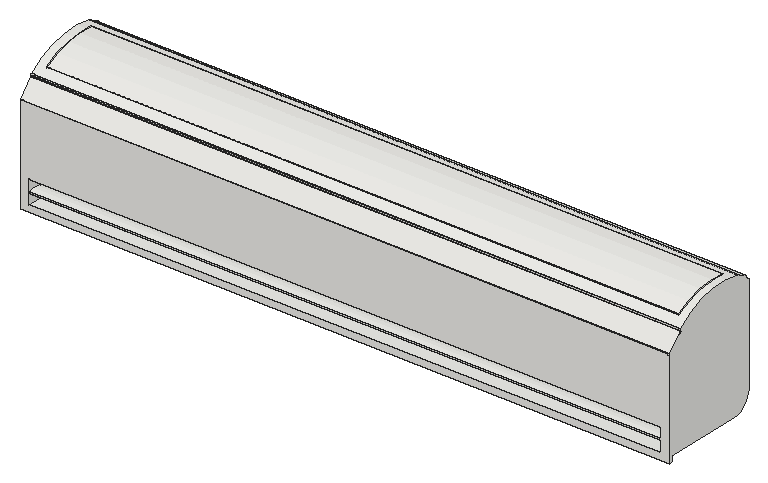
Revit family "ELiS C-W-150-bílá_RFA_2019", category Mechanical Equipment, host Face, Revit 2019
Family settings
  Host = Face
  Round Connector Dimension = Use Diameter
  Part Type = Normal
  Cut with Voids When Loaded = No
  Shared = No
  Room Calculation Point = No
Parameters (values of type "ELiS C-W-150")
  Weight of unit = 27.50 kg
  Water stream flow in the heat exchanger = 0 L/s
  Water pressure drop in the heat exchanger = 0 kPa
  URL = "www.hydronic.cz"
  Type Comments = "vnitřní instalace, neprašné prostředí; IP21; max dosah 3m na 3 rychlost"
  Second Material = FLOWAIR-PerforatedSteel-White
  Product code = "14288; bílá, délka 150cm, teplovodní; PN16; tmax=95°C"
  Power supply voltage = 230 V
  Power ratio = 0.96
  Outlet water temperature (Tw2) = 0 °C
  Outlet air temperature (Tp2) = 0 °C
  Max. current consumption = 0.95 A
  Manufacturer = "Hydronic Systems Prague s.r.o."
  Main Material = FLOWAIR-Steel-White
  Load classification = Motor
  Length = 1500.00 mm  # constant formula
  Inlet water temperature (Tw1) = 0 °C
  Inlet air temperature (Tp1) = 0 °C
  Heating capacity = 0 kW
  Fan = "Single phase motor with diagonal rotor"
  Description = "Dveřní clona"
  Model = "ELiS C-W-150"
  IP = "21"
  Default Elevation = 2200.00 mm
  Connection = 3/4"
  Author = ""
  Apparent power = Power supply voltage * Max. current consumption  # 218.5 VA
  Air flow = 0 m³/h
Reference planes
  plane 1 "Środek (Przód/Tył)": y = 0
  plane 2: z = 0
  plane 3 "Środek (Lewa/Prawa)": x = 0
Dimensions and locks
  aligned and locked: plane 2 to host face
  aligned and locked: level to host face
  aligned and locked: plane 3 "Środek (Lewa/Prawa)" to nested 1
  aligned and locked: plane 1 "Środek (Przód/Tył)" to nested 1
Nested families
  nested 1: "ELiS C-W" at (0, 0, 0), type "ELiS C-W"
    with długość 1500.00 mm
Connectors
  piping at (704, 227.682, 166.954), diameter 19.05, driven by "Connection", driven by "Water stream flow in the heat exchanger", driven by "Water pressure drop in the heat exchanger"
    settings: on nested 1, index 7, connector inside diameter 24", connector length 0.00 mm, flow factor 0, pipe flow 0 L/s, pressure drop 0 kPa, fitting loss kfactor 0, connector angle 0.00°, fixture units 0, engagement length 0.00 mm, angle of deflection 0.00°, flow configuration 1, flow direction 2, fitting loss method 4, system type 8, joint type 0, gender type 0, connector reference index -1, connector utility 0, adjustable connector no, is connector primary yes, connector description ""
  piping at (704, 227.682, 242.954), diameter 19.05, driven by "Connection", driven by "Water stream flow in the heat exchanger", driven by "Water pressure drop in the heat exchanger"
    settings: on nested 1, index 8, connector inside diameter 24", connector length 0.00 mm, flow factor 0, pipe flow 0 L/s, pressure drop 0 kPa, fitting loss kfactor 0, connector angle 0.00°, fixture units 0, engagement length 0.00 mm, angle of deflection 0.00°, flow configuration 1, flow direction 1, fitting loss method 4, system type 7, joint type 0, gender type 0, connector reference index -1, connector utility 0, adjustable connector no, is connector primary no, connector description ""
  electrical at (0, 235.182, 54.049), driven by "Power supply voltage", driven by "Apparent power", driven by "Power ratio", driven by "Load classification"
    settings: on nested 1, index 9, voltage 230 V, apparent load 218.5 VA, apparent load phase1 0 VA, apparent load phase2 0 VA, apparent load phase3 0 VA, power factor 0.96, load classification "Motor", number of poles 1, system type 30, power factor state 1, is connector primary yes, connector utility no, sub classification motor no, connector description ""
  electrical at (-59, 235.182, 85.024)
    settings: on nested 1, index 10, voltage 0 V, apparent load 0 VA, apparent load phase1 0 VA, apparent load phase2 0 VA, apparent load phase3 0 VA, power factor 1, load classification "Motor", number of poles 1, system type 13, power factor state 1, is connector primary no, connector utility no, sub classification motor no, connector description "TS regulator"
  electrical at (59, 235.182, 85.024)
    settings: on nested 1, index 11, voltage 0 V, apparent load 0 VA, apparent load phase1 0 VA, apparent load phase2 0 VA, apparent load phase3 0 VA, power factor 1, load classification "Motor", number of poles 1, system type 13, power factor state 1, is connector primary no, connector utility no, sub classification motor no, connector description "Limit switches"
Definition of nested family "ELiS C-W"
  Parameters
    materiał perforacja = none
    materiał = none
    długość = 1000.00 mm
  Reference planes
    plane 1 "Środek (Przód/Tył)": y = 0
    plane 2: z = 0
    plane 3 "Środek (Lewa/Prawa)": x = 0
    plane 4: x = -500
    plane 5: x = 500
    plane 6: x = -480
    plane 7: x = 480
    plane 8: x = 250
    plane 9: x = -250
  Forms (mm)
    Extrusion 1, solid, material <- "materiał", detail levels medium
      sketch origin (0, 300, 0) x (0, 1, 0) y (0, 0, 1)
        loop
          line (-72.756, 283.564) -> (-81.693, 294.358)
          arc (-81.693, 294.358) -> (-82.051, 294.684) -> (-82.482, 294.903) r 1.8
          line (-82.482, 294.903) -> (-98.157, 300.357)
          arc (-98.157, 300.357) -> (-98.505, 300.566) -> (-98.742, 300.895) r 1
          line (-98.742, 300.895) -> (-99.846, 303.375)
          arc (-99.846, 303.375) -> (-100.355, 304.039) -> (-101.109, 304.402) r 1.8
          arc (-101.109, 304.402) -> (-188.803, 303.806) -> (-267.88, 265.892) r 200.8
          arc (-267.88, 265.892) -> (-268.406, 265.22) -> (-268.563, 264.381) r 1.8
          line (-268.563, 264.381) -> (-268.42, 261.651)
          arc (-268.42, 261.651) -> (-268.477, 261.263) -> (-268.678, 260.927) r 1
          line (-268.678, 260.927) -> (-299.538, 226.654)
          arc (-299.538, 226.654) -> (-299.88, 226.094) -> (-300, 225.449) r 1.8
          line (-300, 225.449) -> (-300, 0) -> (-292.2, 0) -> (-292.2, 13.085) -> (-113.282, 13.085)
          arc (-113.282, 13.085) -> (-84.316, 25.083) -> (-72.318, 54.049) r 40.964
          line (-72.318, 54.049) -> (-72.318, 282.336)
          arc (-72.318, 282.336) -> (-72.431, 282.988) -> (-72.756, 283.564) r 1.943
      from -500 to 500
    Extrusion 2, solid, material <- "materiał", detail levels coarse
      sketch origin (0, 0, 0) x (0, 1, 0) y (0, 0, 1)
        loop
          arc (227.682, 295.867) -> (103.817, 301.954) -> (0, 234.12) r 200.8
          line (0, 234.12) -> (0, 0) -> (227.682, 0) -> (227.682, 295.867)
      from -500 to 500
    Extrusion 3, solid, material <- "materiał", detail levels fine
      sketch origin (0, 0, 0) x (0, 1, 0) y (0, 0, 1)
        loop
          line (227.244, 283.564) -> (218.307, 294.358)
          arc (218.307, 294.358) -> (217.949, 294.684) -> (217.518, 294.903) r 1.8
          line (217.518, 294.903) -> (201.843, 300.357)
          arc (201.843, 300.357) -> (201.495, 300.566) -> (201.258, 300.895) r 1
          line (201.258, 300.895) -> (200.154, 303.375)
          arc (200.154, 303.375) -> (199.645, 304.039) -> (198.891, 304.402) r 1.8
          arc (198.891, 304.402) -> (111.197, 303.806) -> (32.12, 265.892) r 200.8
          arc (32.12, 265.892) -> (31.594, 265.22) -> (31.437, 264.381) r 1.8
          line (31.437, 264.381) -> (31.58, 261.651)
          arc (31.58, 261.651) -> (31.523, 261.263) -> (31.322, 260.927) r 1
          line (31.322, 260.927) -> (0.462, 226.654)
          arc (0.462, 226.654) -> (0.12, 226.094) -> (0, 225.449) r 1.8
          line (0, 225.449) -> (0, 0) -> (7.8, 0) -> (7.8, 13.085) -> (186.718, 13.085)
          arc (186.718, 13.085) -> (215.684, 25.083) -> (227.682, 54.049) r 40.964
          line (227.682, 54.049) -> (227.682, 282.336)
          arc (227.682, 282.336) -> (227.569, 282.988) -> (227.244, 283.564) r 1.943
      from -500 to 500
    Extrusion 4, void
      sketch origin (0, 0, 0) x (0, 1, 0) y (0, 0, 1)
        loop
          line (52, 337.939) -> (52, 227.939) -> (180, 227.939) -> (180, 337.939) -> (52, 337.939)
      from -480 to 480
    Extrusion 5, solid, material <- "materiał perforacja", detail levels fine
      sketch origin (0, 0, 0) x (0, 1, 0) y (0, 0, 1)
        loop
          arc (180, 307.56) -> (113.664, 304.359) -> (52, 279.696) r 200.8
          line (52, 279.696) -> (52, 277.35)
          arc (52, 277.35) -> (113.61, 302.3) -> (180, 305.546) r 198.8
          line (180, 305.546) -> (180, 307.56)
      from -480 to 480
    Extrusion 6, void
      sketch origin (0, 0, 0) x (0, 1, 0) y (0, 0, 1)
        loop
          line (0, 15.085) -> (50, 15.085) -> (50, 70.085) -> (0, 70.085) -> (0, 43.585)
          arc (0, 43.585) -> (17.5, 45.585) -> (35, 43.585) r 77.563
          line (35, 43.585) -> (35, 41.585)
          arc (35, 41.585) -> (17.5, 39.585) -> (0, 41.585) r 77.563
          line (0, 41.585) -> (0, 15.085)
      from -480 to 480
    Extrusion 7, solid, material <- "materiał"
      sketch origin (0, 0, 0) x (0, 1, 0) y (0, 0, 1)
        loop
          line (10, 0) -> (172, 0) -> (172, 13.085) -> (10, 13.085) -> (10, 0)
      from -250 to 250
    Extrusion 8, solid, material <- "materiał"
      sketch origin (0, 0, 0) x (0, 1, 0) y (0, 0, 1)
        loop
          line (227.682, 54.049) -> (242.682, 54.049) -> (242.682, 116) -> (227.682, 116) -> (227.682, 54.049)
      from -59 to 59
    Extrusion 9, solid, material <- "materiał"
      sketch origin (0, 0, 0) x (1, 0, 0) y (0, 0, 1)
        loop
          circle (454, 242.954) r 17
        loop
          circle (454, 166.954) r 17
      from -227.682 to -225
  Cuts and joins
    Extrusion 4, Extrusion 6 cuts Extrusion 3
  Dimensions and locks
    equal spacing: plane 4, plane 3 "Środek (Lewa/Prawa)", plane 5
    "długość": plane 4 to plane 5
    locked: plane 4 to plane 6 at 20
    locked: plane 7 to plane 5 at 20
    equal spacing: plane 4, plane 9, plane 3 "Środek (Lewa/Prawa)"
    equal spacing: plane 3 "Środek (Lewa/Prawa)", plane 8, plane 5
    locked: Extrusion 9 sketch curve to plane 5 at 46  (x2)
    aligned and locked: level to plane 2
    aligned and locked: Extrusion 2 to plane 4
    aligned and locked: Extrusion 1 to plane 4
    aligned and locked: Extrusion 2 to plane 5
    aligned and locked: Extrusion 1 to plane 5
    aligned and locked: Extrusion 3 to plane 4
    aligned and locked: Extrusion 3 to plane 5
    aligned and locked: Extrusion 4 to plane 6
    aligned and locked: Extrusion 4 to plane 7
    aligned and locked: Extrusion 5 to plane 6
    aligned and locked: Extrusion 5 to plane 7
    aligned and locked: Extrusion 6 to plane 7
    aligned and locked: Extrusion 6 to plane 6
    aligned and locked: plane 8 to Extrusion 7
    aligned and locked: plane 9 to Extrusion 7
  Automatic sketch dimensions
    Extrusion 1 sketch curve to level = 0.00 mm
    Extrusion 1 sketch curve to plane 1 "Środek (Przód/Tył)" = 0.00 mm
    Extrusion 1 sketch curve to Extrusion 1 sketch curve = 1.80 mm
    Extrusion 1 sketch curve to plane 1 "Środek (Przód/Tył)" = 7.80 mm
    Extrusion 1 sketch curve to plane 1 "Środek (Przód/Tył)" = 30.581 mm
    Extrusion 1 sketch curve to Extrusion 1 sketch curve = 0.742 mm
    Extrusion 1 sketch curve to Extrusion 1 sketch curve = 0.856 mm
    Extrusion 1 sketch curve to Extrusion 1 sketch curve = 1.797 mm
    Extrusion 1 sketch curve to plane 1 "Środek (Przód/Tył)" = 156.375 mm
    Extrusion 1 sketch curve to Extrusion 1 sketch curve = 30.343 mm
    Extrusion 1 sketch curve to Extrusion 1 sketch curve = 165.276 mm
    Extrusion 1 sketch curve to Extrusion 1 sketch curve = 3.662 mm
    Extrusion 1 sketch curve to Extrusion 1 sketch curve = 14.754 mm
    Extrusion 1 sketch curve to Extrusion 1 sketch curve = 1.38 mm
    Extrusion 1 sketch curve to Extrusion 1 sketch curve = 8.812 mm
    Extrusion 1 sketch curve to Extrusion 1 sketch curve = 1.505 mm
    Extrusion 1 sketch curve to Extrusion 1 sketch curve = 40.964 mm
    Extrusion 1 sketch curve to Extrusion 1 sketch curve = 13.085 mm
    Extrusion 1 sketch curve to Extrusion 1 sketch curve = 54.106 mm
    Extrusion 1 sketch curve to Extrusion 1 sketch curve = 117.295 mm
    Extrusion 1 sketch curve to Extrusion 1 sketch curve = 35.478 mm
    Extrusion 1 sketch curve to Extrusion 1 sketch curve = 0.671 mm
    Extrusion 1 sketch curve to Extrusion 1 sketch curve = 2.783 mm
    Extrusion 1 sketch curve to Extrusion 1 sketch curve = 0.097 mm
    Extrusion 1 sketch curve to Extrusion 1 sketch curve = 174.181 mm
    Extrusion 1 sketch curve to Extrusion 1 sketch curve = 10.867 mm
    Extrusion 1 sketch curve to Extrusion 1 sketch curve = 1.155 mm
    Extrusion 1 sketch curve to Extrusion 1 sketch curve = 8.099 mm
    Extrusion 1 sketch curve to Extrusion 1 sketch curve = 1.341 mm
    Extrusion 1 sketch curve to plane 1 "Środek (Przód/Tył)" = 0.462 mm
    Extrusion 1 sketch curve to Extrusion 1 sketch curve = 0.00 mm  (x14)
    Extrusion 1 sketch curve to Extrusion 1 sketch curve = 0.257 mm
    Extrusion 1 sketch curve to Extrusion 1 sketch curve = 1.263 mm
    Extrusion 1 sketch curve to Extrusion 1 sketch curve = 0.914 mm
    Extrusion 1 sketch curve to Extrusion 1 sketch curve = 0.585 mm
    Extrusion 1 sketch curve to Extrusion 1 sketch curve = 0.789 mm
    Extrusion 1 sketch curve to Extrusion 1 sketch curve = 0.944 mm
    Extrusion 2 sketch curve to level = 0.00 mm
    Extrusion 2 sketch curve to Extrusion 2 sketch curve = 71.306 mm
    Extrusion 2 sketch curve to Extrusion 2 sketch curve = 108.154 mm
    Extrusion 2 sketch curve to plane 1 "Środek (Przód/Tył)" = 0.00 mm
    Extrusion 2 sketch curve to Extrusion 2 sketch curve = 125.966 mm
    Extrusion 2 sketch curve to plane 1 "Środek (Przód/Tył)" = 156.375 mm
    plane 1 "Środek (Przód/Tył)" to Extrusion 3 sketch curve = 0.00 mm
    Extrusion 3 sketch curve to Extrusion 3 sketch curve = 1.80 mm
    Extrusion 3 sketch curve to Extrusion 3 sketch curve = 7.80 mm
    Extrusion 3 sketch curve to Extrusion 3 sketch curve = 28.781 mm
    Extrusion 3 sketch curve to Extrusion 3 sketch curve = 0.742 mm
    Extrusion 3 sketch curve to Extrusion 3 sketch curve = 0.856 mm
    Extrusion 3 sketch curve to Extrusion 3 sketch curve = 1.797 mm
    Extrusion 3 sketch curve to Extrusion 3 sketch curve = 148.575 mm
    Extrusion 3 sketch curve to Extrusion 3 sketch curve = 30.343 mm
    Extrusion 3 sketch curve to Extrusion 3 sketch curve = 165.276 mm
    Extrusion 3 sketch curve to Extrusion 3 sketch curve = 3.662 mm
    Extrusion 3 sketch curve to Extrusion 3 sketch curve = 14.754 mm
    Extrusion 3 sketch curve to Extrusion 3 sketch curve = 1.38 mm
    Extrusion 3 sketch curve to Extrusion 3 sketch curve = 8.812 mm
    Extrusion 3 sketch curve to Extrusion 3 sketch curve = 1.505 mm
    Extrusion 3 sketch curve to Extrusion 3 sketch curve = 40.964 mm
    level to Extrusion 3 sketch curve = 0.00 mm
    Extrusion 3 sketch curve to Extrusion 3 sketch curve = 13.085 mm
    Extrusion 3 sketch curve to Extrusion 3 sketch curve = 54.106 mm
    Extrusion 3 sketch curve to Extrusion 3 sketch curve = 117.295 mm
    Extrusion 3 sketch curve to Extrusion 3 sketch curve = 35.478 mm
    Extrusion 3 sketch curve to Extrusion 3 sketch curve = 0.671 mm
    Extrusion 3 sketch curve to Extrusion 3 sketch curve = 2.783 mm
    Extrusion 3 sketch curve to Extrusion 3 sketch curve = 0.097 mm
    Extrusion 3 sketch curve to Extrusion 3 sketch curve = 174.181 mm
    Extrusion 3 sketch curve to Extrusion 3 sketch curve = 10.867 mm
    Extrusion 3 sketch curve to Extrusion 3 sketch curve = 1.155 mm
    Extrusion 3 sketch curve to Extrusion 3 sketch curve = 8.099 mm
    Extrusion 3 sketch curve to Extrusion 3 sketch curve = 1.341 mm
    Extrusion 3 sketch curve to Extrusion 3 sketch curve = 0.462 mm
    Extrusion 3 sketch curve to Extrusion 3 sketch curve = 0.00 mm  (x14)
    Extrusion 3 sketch curve to Extrusion 3 sketch curve = 0.257 mm
    Extrusion 3 sketch curve to Extrusion 3 sketch curve = 1.263 mm
    Extrusion 3 sketch curve to Extrusion 3 sketch curve = 0.914 mm
    Extrusion 3 sketch curve to Extrusion 3 sketch curve = 0.585 mm
    Extrusion 3 sketch curve to Extrusion 3 sketch curve = 0.789 mm
    Extrusion 3 sketch curve to Extrusion 3 sketch curve = 0.944 mm
    Extrusion 4 sketch curve to Extrusion 4 sketch curve = 128.00 mm
    level to Extrusion 4 sketch curve = 227.939 mm
    Extrusion 4 sketch curve to Extrusion 4 sketch curve = 110.00 mm
    Extrusion 4 sketch curve to plane 1 "Środek (Przód/Tył)" = 52.00 mm
    Extrusion 5 sketch curve to plane 1 "Środek (Przód/Tył)" = 156.375 mm
    level to Extrusion 5 sketch curve = 108.154 mm
    Extrusion 5 sketch curve to plane 1 "Środek (Przód/Tył)" = 52.00 mm
    Extrusion 5 sketch curve to Extrusion 5 sketch curve = 23.625 mm
    Extrusion 5 sketch curve to Extrusion 5 sketch curve = 25.85 mm
    Extrusion 5 sketch curve to Extrusion 5 sketch curve = 2.346 mm
    Extrusion 5 sketch curve to Extrusion 5 sketch curve = 0.00 mm  (x2)
    Extrusion 7 sketch curve to level = 0.00 mm
    Extrusion 7 sketch curve to plane 1 "Środek (Przód/Tył)" = 10.00 mm
    Extrusion 7 sketch curve to Extrusion 7 sketch curve = 162.00 mm
    level to Extrusion 7 sketch curve = 13.085 mm
    Extrusion 8 sketch curve to plane 1 "Środek (Przód/Tył)" = 227.682 mm
    level to Extrusion 8 sketch curve = 116.00 mm
    level to Extrusion 8 sketch curve = 54.049 mm
    Extrusion 8 sketch curve to Extrusion 8 sketch curve = 15.00 mm
    level to Extrusion 9 sketch curve = 166.954 mm
    Extrusion 9 sketch curve to Extrusion 9 sketch curve = 76.00 mm
    Extrusion 6 sketch curve to plane 1 "Środek (Przód/Tył)" = 0.00 mm  (x2)
    Extrusion 6 sketch curve to plane 1 "Środek (Przód/Tył)" = 17.50 mm  (x2)
    Extrusion 6 sketch curve to Extrusion 6 sketch curve = 35.00 mm
    Extrusion 6 sketch curve to Extrusion 6 sketch curve = 15.00 mm
    Extrusion 6 sketch curve to level = 31.977 mm
    level to Extrusion 6 sketch curve = 15.085 mm
    Extrusion 6 sketch curve to Extrusion 6 sketch curve = 26.50 mm  (x2)
    Extrusion 6 sketch curve to Extrusion 6 sketch curve = 2.00 mm
    Extrusion 6 sketch curve to Extrusion 6 sketch curve = 47.063 mm
    radius of Extrusion 9 sketch curve = 17.00 mm  (x2)
